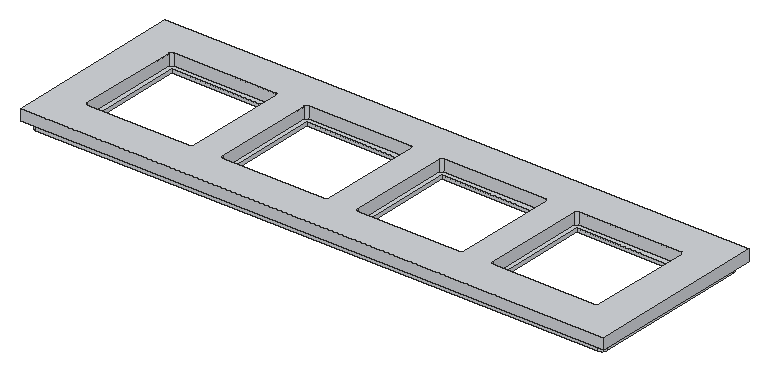
Revit family "Gira_0214226", category Electrical Fixtures, host Face, Revit 2017
Family settings
  Host = Face
  Maintain Annotation Orientation = No
  Round Connector Dimension = Use Diameter
  Part Type = Normal
  Cut with Voids When Loaded = No
  Shared = No
  Room Calculation Point = No
Parameters (values of type "Abdeckrahmen 4f Gira Esprit Lin.Mpx.Anthrazit")
  Werkstoffgüte = "sonstige"
  Werkstoff = "sonstige"
  URL = "http://katalog.gira.de/de_DE/datenblatt.html?artikelnr=0214226"
  Transparent = "No"
  Textfeld/Beschriftungsfläche = "No"
  Schutzart (IP) = "IP20"
  Region = "DE"
  Oberfläche = "sonstige"
  Name = "Abdeckrahmen 4f Gira Esprit Lin.Mpx.Anthrazit"
  Montagerichtung = "horizontal und vertikal"
  Mit Montagerahmen = "No"
  Mit Klappdeckel = "No"
  Manufacturer URL = "https://www.gira.de/"
  Keynote = "Espr._Rahmen_4fach"
  HeinzeBIM = "https://bimportal.heinze.de/bim/abdeckrahmen-4f-gira-esprit-lin-mpx-anthrazit/e769a6ff5b83e211889d2a1bbc27986301d6b18c"
  Halogenfrei = "No"
  HAN = "0214226"
  Geeignet für Unterputz-Installation = "Yes"
  Geeignet für Unterflurkanaldose = "No"
  Geeignet für Geräteeinbaukanal = "No"
  Geeignet für Einbauinstallation = "No"
  GTIN = "4010337015901"
  Farbe = "anthrazit"
  Default Elevation = 1219.2 mm
  Data sheet (1) = "https://katalog.gira.de/de_DE/download.html?artikelnr=0214226"
  Category = "Abdeckrahmen"
  Befestigungsart = "Klemmbefestigung"
  Available = "Yes"
  Anzahl der Einheiten vertikal = "4 "
  Anzahl der Einheiten horizontal = "4 "
  Anzahl der Einheiten = "4 "
Reference planes
  plane 1 "Center (Front/Back)": y = 0
  plane 2: z = 0
  plane 3 "Center (Left/Right)": x = 0
Forms (mm)
  Extrusion 1, solid, detail levels fine
    sketch origin (0, 0, 0) x (1, 0, 0) y (0, 1, 0)
      loop
        line (-154, 47.5) -> (-154, -47.5) -> (154, -47.5) -> (154, 47.5) -> (-154, 47.5)
      loop
        arc (-135.25, -26.8) -> (-134.811, -27.861) -> (-133.75, -28.3) r 1.5
        line (-133.75, -28.3) -> (-80.15, -28.3)
        arc (-80.15, -28.3) -> (-79.089, -27.861) -> (-78.65, -26.8) r 1.5
        line (-78.65, -26.8) -> (-78.65, 26.8)
        arc (-78.65, 26.8) -> (-79.089, 27.861) -> (-80.15, 28.3) r 1.5
        line (-80.15, 28.3) -> (-133.75, 28.3)
        arc (-133.75, 28.3) -> (-134.811, 27.861) -> (-135.25, 26.8) r 1.5
        line (-135.25, 26.8) -> (-135.25, -26.8)
      loop
        arc (-63.95, -26.8) -> (-63.511, -27.861) -> (-62.45, -28.3) r 1.5
        line (-62.45, -28.3) -> (-8.85, -28.3)
        arc (-8.85, -28.3) -> (-7.789, -27.861) -> (-7.35, -26.8) r 1.5
        line (-7.35, -26.8) -> (-7.35, 26.8)
        arc (-7.35, 26.8) -> (-7.789, 27.861) -> (-8.85, 28.3) r 1.5
        line (-8.85, 28.3) -> (-62.45, 28.3)
        arc (-62.45, 28.3) -> (-63.511, 27.861) -> (-63.95, 26.8) r 1.5
        line (-63.95, 26.8) -> (-63.95, -26.8)
      loop
        arc (7.35, -26.8) -> (7.789, -27.861) -> (8.85, -28.3) r 1.5
        line (8.85, -28.3) -> (62.45, -28.3)
        arc (62.45, -28.3) -> (63.511, -27.861) -> (63.95, -26.8) r 1.5
        line (63.95, -26.8) -> (63.95, 26.8)
        arc (63.95, 26.8) -> (63.511, 27.861) -> (62.45, 28.3) r 1.5
        line (62.45, 28.3) -> (8.85, 28.3)
        arc (8.85, 28.3) -> (7.789, 27.861) -> (7.35, 26.8) r 1.5
        line (7.35, 26.8) -> (7.35, -26.8)
      loop
        arc (78.65, -26.8) -> (79.089, -27.861) -> (80.15, -28.3) r 1.5
        line (80.15, -28.3) -> (133.75, -28.3)
        arc (133.75, -28.3) -> (134.811, -27.861) -> (135.25, -26.8) r 1.5
        line (135.25, -26.8) -> (135.25, 26.8)
        arc (135.25, 26.8) -> (134.811, 27.861) -> (133.75, 28.3) r 1.5
        line (133.75, 28.3) -> (80.15, 28.3)
        arc (80.15, 28.3) -> (79.089, 27.861) -> (78.65, 26.8) r 1.5
        line (78.65, 26.8) -> (78.65, -26.8)
    from 0 to 6
  Extrusion 2, solid, detail levels fine
    sketch origin (0, 0, 0) x (1, 0, 0) y (0, 1, 0)
      loop
        line (-132.85, -25.7) -> (-81.05, -25.7) -> (-81.05, 25.7) -> (-132.85, 25.7) -> (-132.85, -25.7)
      loop
        line (61.55, 25.7) -> (9.75, 25.7) -> (9.75, -25.7) -> (61.55, -25.7) -> (61.55, 25.7)
      loop
        arc (-149.85, -41.4) -> (-149.323, -42.673) -> (-148.05, -43.2) r 1.8
        line (-148.05, -43.2) -> (148.05, -43.2)
        arc (148.05, -43.2) -> (149.323, -42.673) -> (149.85, -41.4) r 1.8
        line (149.85, -41.4) -> (149.85, 41.4)
        arc (149.85, 41.4) -> (149.323, 42.673) -> (148.05, 43.2) r 1.8
        line (148.05, 43.2) -> (-148.05, 43.2)
        arc (-148.05, 43.2) -> (-149.323, 42.673) -> (-149.85, 41.4) r 1.8
        line (-149.85, 41.4) -> (-149.85, -41.4)
      loop
        line (-9.75, 25.7) -> (-61.55, 25.7) -> (-61.55, -25.7) -> (-9.75, -25.7) -> (-9.75, 25.7)
      loop
        line (132.85, 25.7) -> (81.05, 25.7) -> (81.05, -25.7) -> (132.85, -25.7) -> (132.85, 25.7)
    from -1.9 to 0
  Extrusion 3, solid, detail levels fine
    sketch origin (0, 0, 0) x (1, 0, 0) y (0, 1, 0)
      loop
        arc (-148.05, 44.4) -> (-150.171, 43.521) -> (-151.05, 41.4) r 3
        line (-151.05, 41.4) -> (-151.05, -41.4)
        arc (-151.05, -41.4) -> (-150.171, -43.521) -> (-148.05, -44.4) r 3
        line (-148.05, -44.4) -> (148.05, -44.4)
        arc (148.05, -44.4) -> (150.171, -43.521) -> (151.05, -41.4) r 3
        line (151.05, -41.4) -> (151.05, 41.4)
        arc (151.05, 41.4) -> (150.171, 43.521) -> (148.05, 44.4) r 3
        line (148.05, 44.4) -> (-148.05, 44.4)
      loop
        arc (-149.85, -41.4) -> (-149.323, -42.673) -> (-148.05, -43.2) r 1.8
        line (-148.05, -43.2) -> (148.05, -43.2)
        arc (148.05, -43.2) -> (149.323, -42.673) -> (149.85, -41.4) r 1.8
        line (149.85, -41.4) -> (149.85, 41.4)
        arc (149.85, 41.4) -> (149.323, 42.673) -> (148.05, 43.2) r 1.8
        line (148.05, 43.2) -> (-148.05, 43.2)
        arc (-148.05, 43.2) -> (-149.323, 42.673) -> (-149.85, 41.4) r 1.8
        line (-149.85, 41.4) -> (-149.85, -41.4)
    from -3.7 to 0
  Extrusion 4, solid, detail levels medium
    sketch origin (0, 0, 0) x (1, 0, 0) y (0, 1, 0)
      loop
        line (-154, 47.5) -> (-154, -47.5) -> (154, -47.5) -> (154, 47.5) -> (-154, 47.5)
    from 0 to 6
  Extrusion 5, solid, detail levels medium
    sketch origin (0, 0, 0) x (1, 0, 0) y (0, 1, 0)
      loop
        line (-154, 44.4) -> (-154, -44.4) -> (154, -44.4) -> (154, 44.4) -> (-154, 44.4)
    from -3.7 to 0
  Extrusion 6, solid, detail levels coarse
    sketch origin (0, 0, 0) x (1, 0, 0) y (0, 1, 0)
      loop
        line (-154, 47.5) -> (-154, -47.5) -> (154, -47.5) -> (154, 47.5) -> (-154, 47.5)
    from -3.7 to 6
Dimensions and locks
  aligned and locked: plane 2 to host face
  aligned and locked: level to host face
